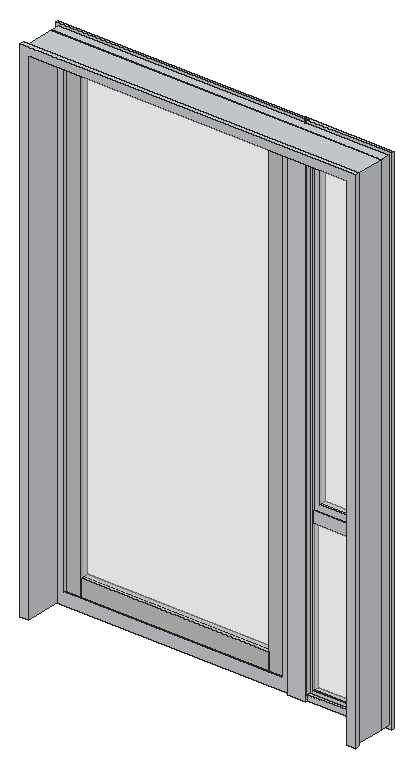
Revit family "APL Residential Thermal Heart Hinged Door with Sidelight", category Doors, host Wall, Revit 2017 (continued)
Definition of nested family "APL Residential Thermal Heart Hinged Door with Sidelight Open Out Horizontal Section"
  Definition of nested family "Glass"
    Lines and regions (mm)
      detail lines, in view "Ref. Level", not visible
        curve 93: arc (24.69, -9.476, 0) -> (24.895, -9.467, 0) -> (25, -9.643, 0) r 0.2
        curve 94: line (24.92, -10.912, 0) -> (24.161, -11.614, 0)
        curve 95: line (24, -11.981, 0) -> (24, -13.404, 0)
        curve 96: line (24.289, -13.651, 0) -> (28.489, -12.997, 0)
        curve 97: line (28.699, -12.728, 0) -> (28.548, -11, 0)
        curve 98: line (28.548, -11, 0) -> (27, -11, 0)
        curve 99: line (27, -11, 0) -> (27, -8.1, 0)
        curve 100: line (27, -8.1, 0) -> (27.5, -8.1, 0)
        curve 101: line (27.727, -7.744, 0) -> (26.033, -4.114, 0)
        curve 102: line (25.24, -4.095, 0) -> (24.864, -4.812, 0)
        curve 103: line (24, -6.187, 0) -> (24, -6.743, 0)
        curve 104: line (25, -6.756, 0) -> (25, -7.353, 0)
        curve 105: line (24, -9.054, 0) -> (24, -9.668, 0)
        curve 106: line (25, -9.643, 0) -> (25, -10.728, 0)
    Dimensions and locks
      "Glass Lenght": plane 1 "Center (Front/Back)" to plane 4
      aligned and locked: plane 4 to curve 2
      aligned and locked: plane 1 "Center (Front/Back)" to Filled region 1 sketch curve
      aligned and locked: Filled region 1 sketch curve to curve 6
      aligned and locked: Filled region 1 sketch curve to curve 1
      aligned and locked: Filled region 1 sketch curve to curve 5
    Automatic sketch dimensions
      plane 1 "Center (Front/Back)" to curve 2 = 0 mm
      curve 2 to plane 3 "Center (Left/Right)" = 0 mm
      curve 6 to plane 4 = 0 mm
      curve 5 to plane 4 = 0 mm
      curve 4 to plane 4 = 0 mm
      curve 5 to curve 3 = 4 mm
      curve 1 to curve 1 = 16 mm
      plane 1 "Center (Front/Back)" to curve 1 = 12 mm
      plane 3 "Center (Left/Right)" to curve 6 = 4 mm
  Definition of nested family "Coupling Bar"
    Reference planes
      plane 1 "Center (Front/Back)": y = 0
      plane 2: z = 0
      plane 3 "Center (Left/Right)": x = 0
    Dimensions and locks
      nested 2 to plane 3 "Center (Left/Right)" to nested 2 = 43.55 mm locked, 43.55 mm locked
      locked: nested 1 to nested 2 at 15.461
      locked: nested 2 to nested 3 at 12.5
    Nested families
      nested 1: "Open Out Jamb&Hinge" at (-22.2, 8.204, 0) x (-1, 0, 0) z (0, 0, 1), type "Jamb with Hinge", in view "Ref. Level"
      nested 2: "65190_Coupling Bar" at (0, 0, 0), type "65190_Coupling Bar", in view "Ref. Level"
      nested 3: "Frame Sash" at (73, 1.704, 0) x (0, 1, 0) z (0, 0, 1), type "Frame Sash", in view "Ref. Level"
    Definition of nested family "Open Out Jamb&Hinge"
      Reference planes
        plane 1 "Center (Front/Back)": y = 0
        plane 2: z = 0
        plane 3 "Center (Left/Right)": x = 0
      Lines and regions (mm)
        detail lines, in view "Ref. Level", not visible
          curve 1: arc (27.921, 135.423, 0) -> (27.611, 135.563, 0) -> (27.449, 135.264, 0) r 0.25
          curve 2: arc (27.475, 125.376, 0) -> (27.637, 125.077, 0) -> (27.948, 125.217, 0) r 0.25
          curve 3: line (27.449, 135.264, 0) -> (28.443, 131.396, 0)
          curve 4: line (28.443, 131.396, 0) -> (27.439, 130.817, 0)
          curve 5: line (27.439, 130.817, 0) -> (27.439, 129.817, 0)
          curve 6: line (27.439, 129.817, 0) -> (28.465, 129.225, 0)
          curve 7: line (28.465, 129.225, 0) -> (27.475, 125.376, 0)
          curve 8: line (27.948, 125.217, 0) -> (29.672, 129.317, 0)
          curve 9: line (29.672, 129.317, 0) -> (30.939, 129.317, 0)
          curve 10: line (30.939, 129.317, 0) -> (30.939, 128.067, 0)
          curve 11: line (30.939, 128.067, 0) -> (31.939, 128.067, 0)
          curve 12: line (31.939, 128.067, 0) -> (31.939, 132.567, 0)
          curve 13: line (31.939, 132.567, 0) -> (30.939, 132.567, 0)
          curve 14: line (30.939, 132.567, 0) -> (30.939, 131.317, 0)
          curve 15: line (30.939, 131.317, 0) -> (29.647, 131.317, 0)
          curve 16: line (29.647, 131.317, 0) -> (27.921, 135.423, 0)
          curve 17: arc (43.239, 46.459, 0) -> (43.098, 46.401, 0) -> (43.039, 46.259, 0) r 0.2
          curve 18: arc (43.039, 43.539, 0) -> (42.981, 43.398, 0) -> (42.839, 43.339, 0) r 0.2
          curve 19: arc (41.739, 43.339, 0) -> (41.032, 43.632, 0) -> (40.739, 44.339, 0) r 1
          curve 20: arc (40.304, 42.421, 0) -> (39.422, 41.539, 0) -> (38.539, 42.421, 0) r 0.882
          curve 21: arc (38.539, 44.651, 0) -> (38.545, 44.752, 0) -> (38.56, 44.852, 0) r 1
          curve 22: arc (39.401, 48.942, 0) -> (39.95, 49.665, 0) -> (40.814, 49.939, 0) r 1.5
          curve 23: arc (42.039, 49.939, 0) -> (42.747, 49.646, 0) -> (43.039, 48.939, 0) r 1
          curve 24: arc (47.988, 48.439, 0) -> (48.168, 48.327, 0) -> (48.146, 48.116, 0) r 0.2
          curve 25: arc (46.796, 45.416, 0) -> (46.657, 45.31, 0) -> (46.487, 45.354, 0) r 0.2
          curve 26: line (43.039, 46.259, 0) -> (43.039, 43.539, 0)
          curve 27: line (42.839, 43.339, 0) -> (42.439, 43.339, 0)
          curve 28: line (42.439, 43.339, 0) -> (41.739, 43.339, 0)
          curve 29: line (40.739, 44.339, 0) -> (40.739, 47.344, 0)
          curve 30: line (40.739, 47.344, 0) -> (40.312, 44.702, 0)
          curve 31: line (40.312, 44.702, 0) -> (40.304, 42.421, 0)
          curve 32: line (38.539, 42.421, 0) -> (38.539, 44.651, 0)
          curve 33: line (38.56, 44.852, 0) -> (39.401, 48.942, 0)
          curve 34: line (40.944, 49.939, 0) -> (42.039, 49.939, 0)
          curve 35: line (43.039, 48.939, 0) -> (43.039, 48.439, 0)
          curve 36: line (43.039, 48.439, 0) -> (47.988, 48.439, 0)
          curve 37: line (48.146, 48.116, 0) -> (46.796, 45.416, 0)
          curve 38: line (46.487, 45.354, 0) -> (45.203, 46.459, 0)
          curve 39: arc (45.203, 46.459, 0) -> (44.221, 46.592, 0) -> (43.239, 46.459, 0) r 3.701
          curve 40: arc (48.146, 48.116, 0) -> (48.168, 48.327, 0) -> (47.988, 48.439, 0) r 0.2
        detail lines, in view "Ref. Level"
          curve 41: arc (129.706, 28.021, 0) -> (129.846, 27.711, 0) -> (129.547, 27.548, 0) r 0.25
          curve 42: arc (119.659, 27.575, 0) -> (119.36, 27.737, 0) -> (119.5, 28.047, 0) r 0.25
          curve 43: line (129.547, 27.548, 0) -> (125.68, 28.542, 0)
          curve 44: line (125.68, 28.542, 0) -> (125.1, 27.539, 0)
          curve 45: line (125.1, 27.539, 0) -> (124.1, 27.539, 0)
          curve 46: line (124.1, 27.539, 0) -> (123.508, 28.564, 0)
          curve 47: line (123.508, 28.564, 0) -> (119.659, 27.575, 0)
          curve 48: line (119.5, 28.047, 0) -> (123.6, 29.771, 0)
          curve 49: line (123.6, 29.771, 0) -> (123.6, 31.039, 0)
          curve 50: line (123.6, 31.039, 0) -> (122.35, 31.039, 0)
          curve 51: line (122.35, 31.039, 0) -> (122.35, 32.039, 0)
          curve 52: line (122.35, 32.039, 0) -> (126.85, 32.039, 0)
          curve 53: line (126.85, 32.039, 0) -> (126.85, 31.039, 0)
          curve 54: line (126.85, 31.039, 0) -> (125.6, 31.039, 0)
          curve 55: line (125.6, 31.039, 0) -> (125.6, 29.747, 0)
          curve 56: line (125.6, 29.747, 0) -> (129.706, 28.021, 0)
          curve 57: arc (48.76, 43.939, 0) -> (48.701, 43.798, 0) -> (48.56, 43.739, 0) r 0.2
          curve 58: arc (45.839, 43.739, 0) -> (45.698, 43.681, 0) -> (45.639, 43.539, 0) r 0.2
          curve 59: arc (45.639, 42.439, 0) -> (45.932, 41.732, 0) -> (46.639, 41.439, 0) r 1
          curve 60: arc (44.722, 41.004, 0) -> (43.839, 40.122, 0) -> (44.722, 39.239, 0) r 0.882
          curve 61: arc (46.951, 39.239, 0) -> (47.052, 39.244, 0) -> (47.153, 39.26, 0) r 1
          curve 62: arc (51.243, 40.101, 0) -> (51.965, 40.649, 0) -> (52.239, 41.514, 0) r 1.5
          curve 63: arc (52.239, 42.739, 0) -> (51.947, 43.446, 0) -> (51.239, 43.739, 0) r 1
          curve 64: arc (50.739, 48.688, 0) -> (50.627, 48.868, 0) -> (50.417, 48.846, 0) r 0.2
          curve 65: arc (47.717, 47.496, 0) -> (47.61, 47.357, 0) -> (47.655, 47.187, 0) r 0.2
          curve 66: line (48.56, 43.739, 0) -> (45.839, 43.739, 0)
          curve 67: line (45.639, 43.539, 0) -> (45.639, 43.139, 0)
          curve 68: line (45.639, 43.139, 0) -> (45.639, 42.439, 0)
          curve 69: line (46.639, 41.439, 0) -> (49.644, 41.439, 0)
          curve 70: line (49.644, 41.439, 0) -> (47.003, 41.012, 0)
          curve 71: line (47.003, 41.012, 0) -> (44.722, 41.004, 0)
          curve 72: line (44.722, 39.239, 0) -> (46.951, 39.239, 0)
          curve 73: line (47.153, 39.26, 0) -> (51.243, 40.101, 0)
          curve 74: line (52.239, 41.644, 0) -> (52.239, 42.739, 0)
          curve 75: line (51.239, 43.739, 0) -> (50.739, 43.739, 0)
          curve 76: line (50.739, 43.739, 0) -> (50.739, 48.688, 0)
          curve 77: line (50.417, 48.846, 0) -> (47.717, 47.496, 0)
          curve 78: line (47.655, 47.187, 0) -> (48.76, 45.903, 0)
          curve 79: arc (48.76, 45.903, 0) -> (48.892, 44.921, 0) -> (48.76, 43.939, 0) r 3.701
          curve 80: arc (50.417, 48.846, 0) -> (50.627, 48.868, 0) -> (50.739, 48.688, 0) r 0.2
      Nested families
        nested 1: "65310_Open Out Frame" at (-0.7, 0.7, 0) x (0, 1, 0) z (0, 0, 1), type "65310_Open Out Frame", in view "Ref. Level"
        nested 2: "65210_Lock Stile" at (39.35, -12.761, 0) x (0, 1, 0) z (0, 0, 1), type "65210_Lock Stile", in view "Ref. Level"
      Definition of nested family "65310_Open Out Frame"
        Reference planes
          plane 1 "Center (Front/Back)": y = 0
          plane 2: z = 0
          plane 3 "Center (Left/Right)": x = 0
        Lines and regions (mm)
          model lines, in view "Ref. Level"
            curve 1: arc (25.4, 8.561, 0) -> (25.517, 8.844, 0) -> (25.8, 8.961, 0) r 0.4
            curve 2: arc (26.093, 8.961, 0) -> (26.196, 8.947, 0) -> (26.293, 8.907, 0) r 0.4
            curve 3: arc (27.821, 8.022, 0) -> (28.111, 7.902, 0) -> (28.422, 7.861, 0) r 1.2
            curve 4: arc (29.345, 7.861, 0) -> (29.918, 7.68, 0) -> (30.284, 7.203, 0) r 1
            curve 5: arc (31.077, 5.024, 0) -> (31.224, 4.833, 0) -> (31.453, 4.761, 0) r 0.4
            curve 6: arc (37.947, 4.761, 0) -> (38.176, 4.833, 0) -> (38.323, 5.024, 0) r 0.4
            curve 7: arc (39.116, 7.203, 0) -> (39.482, 7.68, 0) -> (40.055, 7.861, 0) r 1
            curve 8: arc (40.978, 7.861, 0) -> (41.289, 7.902, 0) -> (41.579, 8.022, 0) r 1.2
            curve 9: arc (43.107, 8.907, 0) -> (43.204, 8.947, 0) -> (43.307, 8.961, 0) r 0.4
            curve 10: arc (43.6, 8.961, 0) -> (43.883, 8.844, 0) -> (44, 8.561, 0) r 0.4
            curve 11: arc (44, 5.161, 0) -> (43.883, 4.878, 0) -> (43.6, 4.761, 0) r 0.4
            curve 12: arc (43.307, 4.761, 0) -> (43.204, 4.775, 0) -> (43.107, 4.815, 0) r 0.4
            curve 13: arc (41.579, 5.699, 0) -> (41.285, 5.821, 0) -> (40.97, 5.861, 0) r 1.2
            curve 14: arc (40.97, 5.861, 0) -> (40.795, 5.808, 0) -> (40.684, 5.664, 0) r 0.3
            curve 15: arc (39.796, 3.224, 0) -> (39.649, 3.033, 0) -> (39.42, 2.961, 0) r 0.4
            curve 16: arc (29.98, 2.961, 0) -> (29.751, 3.033, 0) -> (29.604, 3.224, 0) r 0.4
            curve 17: arc (28.716, 5.664, 0) -> (28.605, 5.808, 0) -> (28.43, 5.861, 0) r 0.3
            curve 18: arc (28.43, 5.861, 0) -> (28.115, 5.821, 0) -> (27.821, 5.699, 0) r 1.2
            curve 19: arc (26.293, 4.815, 0) -> (26.196, 4.775, 0) -> (26.093, 4.761, 0) r 0.4
            curve 20: arc (25.8, 4.761, 0) -> (25.517, 4.878, 0) -> (25.4, 5.161, 0) r 0.4
            curve 21: line (25.8, 8.961, 0) -> (26.093, 8.961, 0)
            curve 22: line (26.293, 8.907, 0) -> (27.821, 8.022, 0)
            curve 23: line (28.422, 7.861, 0) -> (29.345, 7.861, 0)
            curve 24: line (30.284, 7.203, 0) -> (31.077, 5.024, 0)
            curve 25: line (31.453, 4.761, 0) -> (37.947, 4.761, 0)
            curve 26: line (38.323, 5.024, 0) -> (39.116, 7.203, 0)
            curve 27: line (40.055, 7.861, 0) -> (40.978, 7.861, 0)
            curve 28: line (41.579, 8.022, 0) -> (43.107, 8.907, 0)
            curve 29: line (43.307, 8.961, 0) -> (43.6, 8.961, 0)
            curve 30: line (44, 8.561, 0) -> (44, 5.161, 0)
            curve 31: line (43.6, 4.761, 0) -> (43.307, 4.761, 0)
            curve 32: line (43.107, 4.815, 0) -> (41.579, 5.699, 0)
            curve 33: line (40.684, 5.664, 0) -> (39.796, 3.224, 0)
            curve 34: line (39.42, 2.961, 0) -> (29.98, 2.961, 0)
            curve 35: line (29.604, 3.224, 0) -> (28.716, 5.664, 0)
            curve 36: line (27.821, 5.699, 0) -> (26.293, 4.815, 0)
            curve 37: line (26.093, 4.761, 0) -> (25.8, 4.761, 0)
            curve 38: line (25.4, 5.161, 0) -> (25.4, 8.561, 0)
            curve 39: arc (50, 52.5, 0) -> (49.854, 52.854, 0) -> (49.5, 53, 0) r 0.5
            curve 40: arc (43.2, 53, 0) -> (43.059, 52.941, 0) -> (43, 52.8, 0) r 0.2
            curve 41: arc (43, 51.6, 0) -> (43.059, 51.459, 0) -> (43.2, 51.4, 0) r 0.2
            curve 42: arc (48.3, 51.4, 0) -> (48.441, 51.341, 0) -> (48.5, 51.2, 0) r 0.2
            curve 43: arc (48.5, 48.1, 0) -> (48.441, 47.959, 0) -> (48.3, 47.9, 0) r 0.2
            curve 44: arc (45, 48.65, 0) -> (44.846, 48.881, 0) -> (44.573, 48.827, 0) r 0.25
            curve 45: arc (43, 44.6, 0) -> (43.059, 44.459, 0) -> (43.2, 44.4, 0) r 0.2
            curve 46: arc (43.2, 44.4, 0) -> (43.766, 44.634, 0) -> (44, 45.2, 0) r 0.8
            curve 47: arc (46.4, 46, 0) -> (46.8, 45.6, 0) -> (47.2, 46, 0) r 0.4
            curve 48: arc (46.2, 33.5, 0) -> (46.054, 33.854, 0) -> (45.7, 34, 0) r 0.5
            curve 49: arc (44, 34, 0) -> (43.293, 33.707, 0) -> (43, 33, 0) r 1
            curve 50: arc (43, 32.9, 0) -> (43.088, 32.688, 0) -> (43.3, 32.6, 0) r 0.3
            curve 51: arc (44.858, 32.6, 0) -> (45.363, 31.878, 0) -> (46.2, 31.6, 0) r 1.4
            curve 52: arc (47.9, 31.6, 0) -> (48.041, 31.541, 0) -> (48.1, 31.4, 0) r 0.2
            curve 53: arc (48.1, 26.5, 0) -> (47.807, 25.793, 0) -> (47.1, 25.5, 0) r 1
            curve 54: arc (43.083, 25.5, 0) -> (42.778, 25.301, 0) -> (42.505, 25.543, 0) r 0.3
            curve 55: arc (42.505, 25.543, 0) -> (42.439, 25.681, 0) -> (42.313, 25.768, 0) r 0.3
            curve 56: arc (40.903, 26.282, 0) -> (40.617, 26.238, 0) -> (40.501, 25.974, 0) r 0.3
            curve 57: arc (40.708, 23.608, 0) -> (40.735, 23.508, 0) -> (40.795, 23.422, 0) r 0.3
            curve 58: arc (41.159, 23.059, 0) -> (41.352, 23.007, 0) -> (41.493, 23.148, 0) r 0.2
            curve 59: arc (41.538, 23.316, 0) -> (41.59, 23.405, 0) -> (41.679, 23.457, 0) r 0.2
            curve 60: arc (43.9, 24, 0) -> (44.18, 23.807, 0) -> (44.1, 23.476, 0) r 0.3
            curve 61: arc (44.1, 23.476, 0) -> (44.026, 23.375, 0) -> (44, 23.253, 0) r 0.3
            curve 62: arc (44.194, 19.25, 0) -> (44.158, 19.078, 0) -> (44, 19, 0) r 0.2
            curve 63: arc (43.479, 19, 0) -> (43.398, 19.011, 0) -> (43.323, 19.044, 0) r 0.3
            curve 64: arc (42.069, 19.809, 0) -> (42.072, 19.979, 0) -> (41.966, 20.111, 0) r 0.25
            curve 65: arc (41.88, 20.163, 0) -> (41.65, 20.179, 0) -> (41.505, 20, 0) r 0.25
            curve 66: arc (41.255, 20, 0) -> (41.114, 19.941, 0) -> (41.055, 19.8, 0) r 0.2
            curve 67: arc (41.055, 18.984, 0) -> (41.102, 18.772, 0) -> (41.235, 18.6, 0) r 0.5
            curve 68: arc (43.92, 16.362, 0) -> (44.053, 16.19, 0) -> (44.1, 15.978, 0) r 0.5
            curve 69: arc (44.1, 12.522, 0) -> (44.053, 12.31, 0) -> (43.92, 12.138, 0) r 0.5
            curve 70: arc (41.235, 9.9, 0) -> (41.102, 9.728, 0) -> (41.055, 9.516, 0) r 0.5
            curve 71: arc (41.055, 8.7, 0) -> (41.114, 8.559, 0) -> (41.255, 8.5, 0) r 0.2
            curve 72: arc (41.505, 8.5, 0) -> (41.65, 8.321, 0) -> (41.88, 8.337, 0) r 0.25
            curve 73: arc (41.966, 8.389, 0) -> (42.072, 8.521, 0) -> (42.069, 8.691, 0) r 0.25
            curve 74: arc (43.322, 9.456, 0) -> (43.398, 9.489, 0) -> (43.479, 9.5, 0) r 0.3
            curve 75: arc (44, 9.5, 0) -> (44.158, 9.422, 0) -> (44.194, 9.25, 0) r 0.2
            curve 76: arc (44, 5.247, 0) -> (44.026, 5.125, 0) -> (44.1, 5.024, 0) r 0.3
            curve 77: arc (44.1, 5.024, 0) -> (44.18, 4.693, 0) -> (43.9, 4.5, 0) r 0.3
            curve 78: arc (41.679, 5.043, 0) -> (41.59, 5.095, 0) -> (41.538, 5.184, 0) r 0.2
            curve 79: arc (41.493, 5.352, 0) -> (41.352, 5.493, 0) -> (41.159, 5.441, 0) r 0.2
            curve 80: arc (40.795, 5.078, 0) -> (40.735, 4.992, 0) -> (40.708, 4.892, 0) r 0.3
            curve 81: arc (40.501, 2.526, 0) -> (40.617, 2.262, 0) -> (40.903, 2.218, 0) r 0.3
            curve 82: arc (42.313, 2.732, 0) -> (42.439, 2.819, 0) -> (42.505, 2.957, 0) r 0.3
            curve 83: arc (42.505, 2.957, 0) -> (42.778, 3.199, 0) -> (43.083, 3, 0) r 0.3
            curve 84: arc (44.4, 3, 0) -> (44.541, 2.941, 0) -> (44.6, 2.8, 0) r 0.2
            curve 85: arc (44.6, 1.3, 0) -> (44.981, 0.381, 0) -> (45.9, 0, 0) r 1.3
            curve 86: arc (55.35, 0, 0) -> (56, 0.65, 0) -> (55.35, 1.3, 0) r 0.65
            curve 87: arc (46, 23.1, 0) -> (46.146, 23.454, 0) -> (46.5, 23.6, 0) r 0.5
            curve 88: arc (48.1, 23.6, 0) -> (48.454, 23.454, 0) -> (48.6, 23.1, 0) r 0.5
            curve 89: arc (48.6, 21.2, 0) -> (48.746, 20.846, 0) -> (49.1, 20.7, 0) r 0.5
            curve 90: arc (49.5, 20.7, 0) -> (49.854, 20.846, 0) -> (50, 21.2, 0) r 0.5
            curve 91: line (49.5, 53, 0) -> (43.2, 53, 0)
            curve 92: line (43, 52.8, 0) -> (43, 51.6, 0)
            curve 93: line (43.2, 51.4, 0) -> (48.3, 51.4, 0)
            curve 94: line (48.5, 51.2, 0) -> (48.5, 48.1, 0)
            curve 95: line (48.3, 47.9, 0) -> (45, 47.9, 0)
            curve 96: line (45, 47.9, 0) -> (45, 48.65, 0)
            curve 97: line (44.573, 48.827, 0) -> (43.059, 47.312, 0)
            curve 98: line (43.059, 47.312, 0) -> (43, 44.6, 0)
            curve 99: line (44, 45.2, 0) -> (44, 46.5, 0)
            curve 100: line (44, 46.5, 0) -> (46.4, 46.5, 0)
            curve 101: line (46.4, 46.5, 0) -> (46.4, 46, 0)
            curve 102: line (47.2, 46, 0) -> (47.2, 46.5, 0)
            curve 103: line (47.2, 46.5, 0) -> (48.5, 46.5, 0)
            curve 104: line (48.5, 46.5, 0) -> (48.5, 33, 0)
            curve 105: line (48.5, 33, 0) -> (46.2, 33, 0)
            curve 106: line (46.2, 33, 0) -> (46.2, 33.5, 0)
            curve 107: line (45.7, 34, 0) -> (44, 34, 0)
            curve 108: line (43.3, 32.6, 0) -> (44.858, 32.6, 0)
            curve 109: line (46.2, 31.6, 0) -> (47.9, 31.6, 0)
            curve 110: line (48.1, 31.4, 0) -> (48.1, 26.5, 0)
            curve 111: line (47.1, 25.5, 0) -> (43.083, 25.5, 0)
            curve 112: line (42.313, 25.768, 0) -> (40.903, 26.282, 0)
            curve 113: line (40.501, 25.974, 0) -> (40.708, 23.608, 0)
            curve 114: line (40.795, 23.422, 0) -> (41.159, 23.059, 0)
            curve 115: line (41.493, 23.148, 0) -> (41.538, 23.316, 0)
            curve 116: line (41.538, 23.316, 0) -> (43.668, 23.99, 0)
            curve 117: line (43.668, 23.99, 0) -> (43.9, 24, 0)
            curve 118: line (44, 23.253, 0) -> (44, 20.025, 0)
            curve 119: line (44, 20.025, 0) -> (44.194, 19.25, 0)
            curve 120: line (44, 19, 0) -> (43.479, 19, 0)
            curve 121: line (43.479, 19, 0) -> (42.069, 19.809, 0)
            curve 122: line (41.505, 20, 0) -> (41.255, 20, 0)
            curve 123: line (41.055, 19.8, 0) -> (41.055, 18.984, 0)
            curve 124: line (41.235, 18.6, 0) -> (43.92, 16.362, 0)
            curve 125: line (44.1, 15.978, 0) -> (44.1, 12.522, 0)
            curve 126: line (43.92, 12.138, 0) -> (41.235, 9.9, 0)
            curve 127: line (41.055, 9.516, 0) -> (41.055, 8.7, 0)
            curve 128: line (41.255, 8.5, 0) -> (41.505, 8.5, 0)
            curve 129: line (42.069, 8.691, 0) -> (43.322, 9.456, 0)
            curve 130: line (43.322, 9.456, 0) -> (44, 9.5, 0)
            curve 131: line (44.194, 9.25, 0) -> (44.006, 8.525, 0)
            curve 132: line (44.006, 8.525, 0) -> (44, 5.247, 0)
            curve 133: line (43.746, 4.5, 0) -> (41.679, 5.043, 0)
            curve 134: line (41.679, 5.043, 0) -> (41.493, 5.352, 0)
            curve 135: line (41.159, 5.441, 0) -> (40.795, 5.078, 0)
            curve 136: line (40.708, 4.892, 0) -> (40.501, 2.526, 0)
            curve 137: line (40.903, 2.218, 0) -> (42.313, 2.732, 0)
            curve 138: line (43.083, 3, 0) -> (44.4, 3, 0)
            curve 139: line (44.6, 2.8, 0) -> (44.6, 1.3, 0)
            curve 140: line (45.9, 0, 0) -> (47.7, 0, 0)
            curve 141: line (47.7, 0, 0) -> (48, 0.3, 0)
            curve 142: line (48, 0.3, 0) -> (53.25, 0.3, 0)
            curve 143: line (53.25, 0.3, 0) -> (53.55, 0, 0)
            curve 144: line (53.55, 0, 0) -> (55.35, 0, 0)
            curve 145: line (55.35, 1.3, 0) -> (46, 1.3, 0)
            curve 146: line (46, 1.3, 0) -> (46, 23.1, 0)
            curve 147: line (46.5, 23.6, 0) -> (48.1, 23.6, 0)
            curve 148: line (48.6, 23.1, 0) -> (48.6, 21.2, 0)
            curve 149: line (49.1, 20.7, 0) -> (49.5, 20.7, 0)
            curve 150: line (50, 21.2, 0) -> (50, 52.5, 0)
            curve 151: arc (-4.1, 23.1, 0) -> (-4.241, 23.159, 0) -> (-4.3, 23.3, 0) r 0.2
            curve 152: arc (-4.3, 23.9, 0) -> (-4.359, 24.041, 0) -> (-4.5, 24.1, 0) r 0.2
            curve 153: arc (-4.875, 24.1, 0) -> (-5.496, 24.182, 0) -> (-6.075, 24.422, 0) r 2.4
            curve 154: arc (-13.9, 27.9, 0) -> (-14.041, 27.841, 0) -> (-14.1, 27.7, 0) r 0.2
            curve 155: arc (-14.1, -0.131, 0) -> (-13.951, -0.808, 0) -> (-13.528, -1.359, 0) r 1.6
            curve 156: arc (-7.044, -6.8, 0) -> (-6.701, -6.916, 0) -> (-6.369, -6.77, 0) r 0.5
            curve 157: arc (-1.693, -2.094, 0) -> (-1.476, -1.769, 0) -> (-1.4, -1.386, 0) r 1
            curve 158: arc (-1.4, 3.2, 0) -> (-0.844, 4.544, 0) -> (0.5, 5.1, 0) r 1.9
            curve 159: arc (23.3, 5.1, 0) -> (23.441, 5.159, 0) -> (23.5, 5.3, 0) r 0.2
            curve 160: arc (23.5, 16.1, 0) -> (23.441, 16.241, 0) -> (23.3, 16.3, 0) r 0.2
            curve 161: arc (18.3, 16.3, 0) -> (18.159, 16.359, 0) -> (18.1, 16.5, 0) r 0.2
            curve 162: arc (18.1, 17.7, 0) -> (18.159, 17.841, 0) -> (18.3, 17.9, 0) r 0.2
            curve 163: arc (23.3, 17.9, 0) -> (23.441, 17.959, 0) -> (23.5, 18.1, 0) r 0.2
            curve 164: arc (23.5, 23.9, 0) -> (23.441, 24.041, 0) -> (23.3, 24.1, 0) r 0.2
            curve 165: arc (16.301, 24.1, 0) -> (16.159, 24.042, 0) -> (16.1, 23.9, 0) r 0.2
            curve 166: arc (16.1, 23.3, 0) -> (16.041, 23.159, 0) -> (15.9, 23.1, 0) r 0.2
            curve 167: arc (11.3, 23.1, 0) -> (11.159, 23.159, 0) -> (11.1, 23.3, 0) r 0.2
            curve 168: arc (11.1, 23.9, 0) -> (11.041, 24.041, 0) -> (10.9, 24.1, 0) r 0.2
            curve 169: arc (2.7, 24.1, 0) -> (2.559, 24.041, 0) -> (2.5, 23.9, 0) r 0.2
            curve 170: arc (2.5, 16.5, 0) -> (2.441, 16.359, 0) -> (2.3, 16.3, 0) r 0.2
            curve 171: arc (1.3, 16.3, 0) -> (1.159, 16.359, 0) -> (1.1, 16.5, 0) r 0.2
            curve 172: arc (1.1, 22.9, 0) -> (1.041, 23.041, 0) -> (0.9, 23.1, 0) r 0.2
            curve 173: arc (26.317, 25.5, 0) -> (26.622, 25.301, 0) -> (26.895, 25.543, 0) r 0.3
            curve 174: arc (26.895, 25.543, 0) -> (26.961, 25.681, 0) -> (27.087, 25.768, 0) r 0.3
            curve 175: arc (28.497, 26.282, 0) -> (28.783, 26.238, 0) -> (28.899, 25.974, 0) r 0.3
            curve 176: arc (28.692, 23.608, 0) -> (28.665, 23.508, 0) -> (28.605, 23.422, 0) r 0.3
            curve 177: arc (28.241, 23.059, 0) -> (28.048, 23.007, 0) -> (27.907, 23.148, 0) r 0.2
            curve 178: arc (27.862, 23.316, 0) -> (27.81, 23.405, 0) -> (27.721, 23.457, 0) r 0.2
            curve 179: arc (25.5, 24, 0) -> (25.22, 23.807, 0) -> (25.3, 23.476, 0) r 0.3
            curve 180: arc (25.3, 23.476, 0) -> (25.374, 23.375, 0) -> (25.4, 23.253, 0) r 0.3
            curve 181: arc (25.206, 19.25, 0) -> (25.242, 19.078, 0) -> (25.4, 19, 0) r 0.2
            curve 182: arc (25.921, 19, 0) -> (26.002, 19.011, 0) -> (26.077, 19.044, 0) r 0.3
            curve 183: arc (27.331, 19.809, 0) -> (27.328, 19.979, 0) -> (27.434, 20.111, 0) r 0.25
            curve 184: arc (27.52, 20.163, 0) -> (27.75, 20.179, 0) -> (27.895, 20, 0) r 0.25
            curve 185: arc (28.145, 20, 0) -> (28.286, 19.941, 0) -> (28.345, 19.8, 0) r 0.2
            curve 186: arc (28.345, 18.984, 0) -> (28.298, 18.772, 0) -> (28.165, 18.6, 0) r 0.5
            curve 187: arc (25.58, 16.446, 0) -> (25.447, 16.274, 0) -> (25.4, 16.062, 0) r 0.5
            curve 188: arc (25.4, 12.438, 0) -> (25.447, 12.226, 0) -> (25.58, 12.054, 0) r 0.5
            curve 189: arc (28.165, 9.9, 0) -> (28.298, 9.728, 0) -> (28.345, 9.516, 0) r 0.5
            curve 190: arc (28.345, 8.7, 0) -> (28.286, 8.559, 0) -> (28.145, 8.5, 0) r 0.2
            curve 191: arc (27.895, 8.5, 0) -> (27.75, 8.321, 0) -> (27.52, 8.337, 0) r 0.25
            curve 192: arc (27.434, 8.389, 0) -> (27.328, 8.521, 0) -> (27.331, 8.691, 0) r 0.25
            curve 193: arc (26.078, 9.456, 0) -> (26.002, 9.489, 0) -> (25.921, 9.5, 0) r 0.3
            curve 194: arc (25.4, 9.5, 0) -> (25.242, 9.422, 0) -> (25.206, 9.25, 0) r 0.2
            curve 195: arc (25.4, 5.247, 0) -> (25.374, 5.125, 0) -> (25.3, 5.024, 0) r 0.3
            curve 196: arc (25.3, 5.024, 0) -> (25.22, 4.693, 0) -> (25.5, 4.5, 0) r 0.3
            curve 197: arc (27.721, 5.043, 0) -> (27.81, 5.095, 0) -> (27.862, 5.184, 0) r 0.2
            curve 198: arc (27.907, 5.352, 0) -> (28.048, 5.493, 0) -> (28.241, 5.441, 0) r 0.2
            curve 199: arc (28.605, 5.078, 0) -> (28.665, 4.992, 0) -> (28.692, 4.892, 0) r 0.3
            curve 200: arc (28.899, 2.526, 0) -> (28.783, 2.262, 0) -> (28.497, 2.218, 0) r 0.3
            curve 201: arc (27.087, 2.732, 0) -> (26.961, 2.819, 0) -> (26.895, 2.957, 0) r 0.3
            curve 202: arc (26.895, 2.957, 0) -> (26.622, 3.199, 0) -> (26.317, 3, 0) r 0.3
            curve 203: arc (24, 3, 0) -> (23.704, 3.097, 0) -> (23.523, 3.35, 0) r 0.5
            curve 204: arc (23.523, 3.35, 0) -> (23.342, 3.603, 0) -> (23.046, 3.7, 0) r 0.5
            curve 205: arc (0.5, 3.7, 0) -> (0.146, 3.554, 0) -> (0, 3.2, 0) r 0.5
            curve 206: arc (0, -1.801, 0) -> (-0.107, -2.336, 0) -> (-0.41, -2.791, 0) r 1.4
            curve 207: arc (-5.407, -7.787, 0) -> (-5.624, -8.112, 0) -> (-5.7, -8.495, 0) r 1
            curve 208: arc (-5.7, -14.159, 0) -> (-5.623, -14.316, 0) -> (-5.452, -14.353, 0) r 0.2
            curve 209: arc (-5.452, -14.353, 0) -> (-4.643, -14.677, 0) -> (-4.687, -15.548, 0) r 0.75
            curve 210: arc (-4.687, -15.548, 0) -> (-5.025, -16.505, 0) -> (-4.687, -17.462, 0) r 1.525
            curve 211: arc (-4.687, -17.462, 0) -> (-4.594, -17.613, 0) -> (-4.539, -17.781, 0) r 0.75
            curve 212: arc (-4.539, -17.781, 0) -> (-4.442, -17.992, 0) -> (-4.26, -18.136, 0) r 0.5
            curve 213: arc (-4.26, -18.136, 0) -> (-3.5, -18.305, 0) -> (-2.74, -18.137, 0) r 1.8
            curve 214: arc (-2.74, -18.137, 0) -> (-2.558, -17.992, 0) -> (-2.461, -17.78, 0) r 0.5
            curve 215: arc (-2.461, -17.78, 0) -> (-2.406, -17.612, 0) -> (-2.312, -17.461, 0) r 0.737
            curve 216: arc (-2.312, -17.461, 0) -> (-1.975, -16.505, 0) -> (-2.312, -15.549, 0) r 1.525
            curve 217: arc (-2.312, -15.549, 0) -> (-2.2, -14.512, 0) -> (-1.163, -14.624, 0) r 0.737
            curve 218: arc (-1.163, -14.624, 0) -> (-0.507, -16.296, 0) -> (-0.924, -18.044, 0) r 3
            curve 219: arc (-0.924, -18.044, 0) -> (-0.93, -18.547, 0) -> (-0.495, -18.8, 0) r 0.5
            curve 220: arc (-0.2, -18.8, 0) -> (-0.059, -18.859, 0) -> (0, -19, 0) r 0.2
            curve 221: arc (0, -19.8, 0) -> (-0.059, -19.941, 0) -> (-0.2, -20, 0) r 0.2
            curve 222: arc (-6, -20, 0) -> (-6.707, -19.707, 0) -> (-7, -19, 0) r 1
            curve 223: arc (-7, -10.063, 0) -> (-7.281, -8.795, 0) -> (-8.072, -7.765, 0) r 3
            curve 224: arc (-14.428, -2.431, 0) -> (-15.219, -1.401, 0) -> (-15.5, -0.133, 0) r 3
            curve 225: arc (-15.5, 33, 0) -> (-15.207, 33.707, 0) -> (-14.5, 34, 0) r 1
            curve 226: arc (-12.1, 34, 0) -> (-11.393, 33.707, 0) -> (-11.1, 33, 0) r 1
            curve 227: arc (-11.1, 32.9, 0) -> (-11.188, 32.688, 0) -> (-11.4, 32.6, 0) r 0.3
            curve 228: arc (-12.1, 29.3, 0) -> (-11.738, 29.252, 0) -> (-11.4, 29.112, 0) r 1.4
            curve 229: arc (-5.375, 25.634, 0) -> (-5.134, 25.534, 0) -> (-4.875, 25.5, 0) r 1
            curve 230: line (0.9, 23.1, 0) -> (-4.1, 23.1, 0)
            curve 231: line (-4.3, 23.3, 0) -> (-4.3, 23.9, 0)
            curve 232: line (-4.5, 24.1, 0) -> (-4.875, 24.1, 0)
            curve 233: line (-6.075, 24.422, 0) -> (-12.054, 27.873, 0)
            curve 234: line (-12.054, 27.873, 0) -> (-13.9, 27.9, 0)
            curve 235: line (-14.1, 27.7, 0) -> (-14.1, -0.131, 0)
            curve 236: line (-13.528, -1.359, 0) -> (-7.044, -6.8, 0)
            curve 237: line (-6.369, -6.77, 0) -> (-1.693, -2.094, 0)
            curve 238: line (-1.4, -1.386, 0) -> (-1.4, 3.2, 0)
            curve 239: line (0.5, 5.1, 0) -> (23.3, 5.1, 0)
            curve 240: line (23.5, 5.3, 0) -> (23.5, 16.1, 0)
            curve 241: line (23.3, 16.3, 0) -> (18.3, 16.3, 0)
            curve 242: line (18.1, 16.5, 0) -> (18.1, 17.7, 0)
            curve 243: line (18.3, 17.9, 0) -> (23.3, 17.9, 0)
            curve 244: line (23.5, 18.1, 0) -> (23.5, 23.9, 0)
            curve 245: line (23.3, 24.1, 0) -> (16.301, 24.1, 0)
            curve 246: line (16.1, 23.9, 0) -> (16.1, 23.3, 0)
            curve 247: line (15.9, 23.1, 0) -> (11.3, 23.1, 0)
            curve 248: line (11.1, 23.3, 0) -> (11.1, 23.9, 0)
            curve 249: line (10.9, 24.1, 0) -> (2.7, 24.1, 0)
            curve 250: line (2.5, 23.9, 0) -> (2.5, 16.5, 0)
            curve 251: line (2.3, 16.3, 0) -> (1.3, 16.3, 0)
            curve 252: line (1.1, 16.5, 0) -> (1.1, 22.9, 0)
            curve 253: line (27.087, 25.768, 0) -> (28.497, 26.282, 0)
            curve 254: line (28.899, 25.974, 0) -> (28.692, 23.608, 0)
            curve 255: line (28.605, 23.422, 0) -> (28.241, 23.059, 0)
            curve 256: line (27.907, 23.148, 0) -> (27.862, 23.316, 0)
            curve 257: line (27.862, 23.316, 0) -> (25.732, 23.99, 0)
            curve 258: line (25.732, 23.99, 0) -> (25.5, 24, 0)
            curve 259: line (25.4, 23.253, 0) -> (25.4, 20.025, 0)
            curve 260: line (25.4, 20.025, 0) -> (25.206, 19.25, 0)
            curve 261: line (25.4, 19, 0) -> (25.921, 19, 0)
            curve 262: line (25.921, 19, 0) -> (27.331, 19.809, 0)
            curve 263: line (27.895, 20, 0) -> (28.145, 20, 0)
            curve 264: line (28.345, 19.8, 0) -> (28.345, 18.984, 0)
            curve 265: line (28.165, 18.6, 0) -> (25.58, 16.446, 0)
            curve 266: line (25.4, 16.062, 0) -> (25.4, 12.438, 0)
            curve 267: line (25.58, 12.054, 0) -> (28.165, 9.9, 0)
            curve 268: line (28.345, 9.516, 0) -> (28.345, 8.7, 0)
            curve 269: line (28.145, 8.5, 0) -> (27.895, 8.5, 0)
            curve 270: line (27.331, 8.691, 0) -> (26.078, 9.456, 0)
            curve 271: line (26.078, 9.456, 0) -> (25.4, 9.5, 0)
            curve 272: line (25.206, 9.25, 0) -> (25.394, 8.525, 0)
            curve 273: line (25.394, 8.525, 0) -> (25.4, 5.247, 0)
            curve 274: line (25.654, 4.5, 0) -> (27.721, 5.043, 0)
            curve 275: line (27.721, 5.043, 0) -> (27.907, 5.352, 0)
            curve 276: line (28.241, 5.441, 0) -> (28.605, 5.078, 0)
            curve 277: line (28.692, 4.892, 0) -> (28.899, 2.526, 0)
            curve 278: line (28.497, 2.218, 0) -> (27.087, 2.732, 0)
            curve 279: line (26.317, 3, 0) -> (24, 3, 0)
            curve 280: line (23.046, 3.7, 0) -> (17.783, 3.7, 0)
            curve 281: line (17.783, 3.7, 0) -> (17.559, 3.559, 0)
            curve 282: line (17.559, 3.559, 0) -> (12.4, 3.5, 0)
            curve 283: line (12.4, 3.5, 0) -> (12, 3.9, 0)
            curve 284: line (12, 3.9, 0) -> (11.6, 3.5, 0)
            curve 285: line (11.6, 3.5, 0) -> (6.583, 3.5, 0)
            curve 286: line (6.583, 3.5, 0) -> (6.359, 3.641, 0)
            curve 287: line (6.359, 3.641, 0) -> (0.5, 3.7, 0)
            curve 288: line (0, 3.2, 0) -> (0, -1.801, 0)
            curve 289: line (-0.41, -2.791, 0) -> (-5.407, -7.787, 0)
            curve 290: line (-5.7, -8.495, 0) -> (-5.7, -14.159, 0)
            curve 291: line (-0.495, -18.8, 0) -> (-0.2, -18.8, 0)
            curve 292: line (0, -19, 0) -> (0, -19.8, 0)
            curve 293: line (-0.2, -20, 0) -> (-6, -20, 0)
            curve 294: line (-7, -19, 0) -> (-7, -10.063, 0)
            curve 295: line (-8.072, -7.765, 0) -> (-14.428, -2.431, 0)
            curve 296: line (-15.5, -0.133, 0) -> (-15.5, 33, 0)
            curve 297: line (-14.5, 34, 0) -> (-12.1, 34, 0)
            curve 298: line (-11.4, 32.6, 0) -> (-14.1, 32.6, 0)
            curve 299: line (-14.1, 32.6, 0) -> (-14.1, 29.3, 0)
            curve 300: line (-14.1, 29.3, 0) -> (-12.1, 29.3, 0)
            curve 301: line (-11.4, 29.112, 0) -> (-5.375, 25.634, 0)
            curve 302: line (-4.875, 25.5, 0) -> (-2, 25.5, 0)
            curve 303: line (-2, 25.5, 0) -> (-1.6, 25.1, 0)
            curve 304: line (-1.6, 25.1, 0) -> (-1.2, 25.5, 0)
            curve 305: line (-1.2, 25.5, 0) -> (4.1, 25.5, 0)
            curve 306: line (4.1, 25.5, 0) -> (4.5, 25.1, 0)
            curve 307: line (4.5, 25.1, 0) -> (4.9, 25.5, 0)
            curve 308: line (4.9, 25.5, 0) -> (26.317, 25.5, 0)
            curve 309: arc (25.4, 19.939, 0) -> (25.517, 19.656, 0) -> (25.8, 19.539, 0) r 0.4
            curve 310: arc (26.093, 19.539, 0) -> (26.196, 19.553, 0) -> (26.293, 19.593, 0) r 0.4
            curve 311: arc (27.821, 20.478, 0) -> (28.111, 20.598, 0) -> (28.422, 20.639, 0) r 1.2
            curve 312: arc (29.345, 20.639, 0) -> (29.918, 20.82, 0) -> (30.284, 21.297, 0) r 1
            curve 313: arc (31.077, 23.476, 0) -> (31.224, 23.667, 0) -> (31.453, 23.739, 0) r 0.4
            curve 314: arc (37.947, 23.739, 0) -> (38.176, 23.667, 0) -> (38.323, 23.476, 0) r 0.4
            curve 315: arc (39.116, 21.297, 0) -> (39.482, 20.82, 0) -> (40.055, 20.639, 0) r 1
            curve 316: arc (40.978, 20.639, 0) -> (41.289, 20.598, 0) -> (41.579, 20.478, 0) r 1.2
            curve 317: arc (43.107, 19.593, 0) -> (43.204, 19.553, 0) -> (43.307, 19.539, 0) r 0.4
            curve 318: arc (43.6, 19.539, 0) -> (43.883, 19.656, 0) -> (44, 19.939, 0) r 0.4
            curve 319: arc (44, 23.339, 0) -> (43.883, 23.622, 0) -> (43.6, 23.739, 0) r 0.4
            curve 320: arc (43.307, 23.739, 0) -> (43.204, 23.725, 0) -> (43.107, 23.685, 0) r 0.4
            curve 321: arc (41.579, 22.801, 0) -> (41.285, 22.679, 0) -> (40.97, 22.639, 0) r 1.2
            curve 322: arc (40.97, 22.639, 0) -> (40.795, 22.692, 0) -> (40.684, 22.836, 0) r 0.3
            curve 323: arc (39.796, 25.276, 0) -> (39.649, 25.467, 0) -> (39.42, 25.539, 0) r 0.4
            curve 324: arc (29.98, 25.539, 0) -> (29.751, 25.467, 0) -> (29.604, 25.276, 0) r 0.4
            curve 325: arc (28.716, 22.836, 0) -> (28.605, 22.692, 0) -> (28.43, 22.639, 0) r 0.3
            curve 326: arc (28.43, 22.639, 0) -> (28.115, 22.679, 0) -> (27.821, 22.801, 0) r 1.2
            curve 327: arc (26.293, 23.685, 0) -> (26.196, 23.725, 0) -> (26.093, 23.739, 0) r 0.4
            curve 328: arc (25.8, 23.739, 0) -> (25.517, 23.622, 0) -> (25.4, 23.339, 0) r 0.4
            curve 329: line (25.8, 19.539, 0) -> (26.093, 19.539, 0)
            curve 330: line (26.293, 19.593, 0) -> (27.821, 20.478, 0)
            curve 331: line (28.422, 20.639, 0) -> (29.345, 20.639, 0)
            curve 332: line (30.284, 21.297, 0) -> (31.077, 23.476, 0)
            curve 333: line (31.453, 23.739, 0) -> (37.947, 23.739, 0)
            curve 334: line (38.323, 23.476, 0) -> (39.116, 21.297, 0)
            curve 335: line (40.055, 20.639, 0) -> (40.978, 20.639, 0)
            curve 336: line (41.579, 20.478, 0) -> (43.107, 19.593, 0)
            curve 337: line (43.307, 19.539, 0) -> (43.6, 19.539, 0)
            curve 338: line (44, 19.939, 0) -> (44, 23.339, 0)
            curve 339: line (43.6, 23.739, 0) -> (43.307, 23.739, 0)
            curve 340: line (43.107, 23.685, 0) -> (41.579, 22.801, 0)
            curve 341: line (40.684, 22.836, 0) -> (39.796, 25.276, 0)
            curve 342: line (39.42, 25.539, 0) -> (29.98, 25.539, 0)
            curve 343: line (29.604, 25.276, 0) -> (28.716, 22.836, 0)
            curve 344: line (27.821, 22.801, 0) -> (26.293, 23.685, 0)
            curve 345: line (26.093, 23.739, 0) -> (25.8, 23.739, 0)
            curve 346: line (25.4, 23.339, 0) -> (25.4, 19.939, 0)
        Text (mm)
          text "65310" at (6.108, 51.612, 0), in view "Ref. Level"
      Definition of nested family "65210_Lock Stile"
        Reference planes
          plane 1 "Center (Front/Back)": y = 0
          plane 2: z = 0
          plane 3 "Center (Left/Right)": x = 0
        Lines and regions (mm)
          model lines, in view "Ref. Level"
            curve 1: arc (27.4, 64.45, 0) -> (27.272, 64.668, 0) -> (27.019, 64.663, 0) r 0.25
            curve 2: arc (26.934, 64.611, 0) -> (26.828, 64.479, 0) -> (26.831, 64.309, 0) r 0.25
            curve 3: arc (25.577, 63.544, 0) -> (25.502, 63.511, 0) -> (25.421, 63.5, 0) r 0.3
            curve 4: arc (24.9, 63.5, 0) -> (24.742, 63.578, 0) -> (24.706, 63.75, 0) r 0.2
            curve 5: arc (24.9, 67.753, 0) -> (24.874, 67.875, 0) -> (24.8, 67.976, 0) r 0.3
            curve 6: arc (24.8, 67.976, 0) -> (24.72, 68.307, 0) -> (25, 68.5, 0) r 0.3
            curve 7: arc (27.221, 67.957, 0) -> (27.31, 67.905, 0) -> (27.362, 67.816, 0) r 0.2
            curve 8: arc (27.407, 67.648, 0) -> (27.548, 67.507, 0) -> (27.741, 67.559, 0) r 0.2
            curve 9: arc (28.105, 67.922, 0) -> (28.165, 68.008, 0) -> (28.192, 68.108, 0) r 0.3
            curve 10: arc (28.399, 70.474, 0) -> (28.283, 70.738, 0) -> (27.997, 70.782, 0) r 0.3
            curve 11: arc (26.587, 70.268, 0) -> (26.461, 70.181, 0) -> (26.395, 70.043, 0) r 0.3
            curve 12: arc (26.395, 70.043, 0) -> (26.122, 69.801, 0) -> (25.817, 70, 0) r 0.3
            curve 13: arc (24.003, 70, 0) -> (23.295, 69.707, 0) -> (23.003, 69, 0) r 1
            curve 14: arc (23.003, 63.28, 0) -> (22.944, 63.139, 0) -> (22.803, 63.08, 0) r 0.2
            curve 15: arc (17.703, 63.08, 0) -> (17.561, 63.139, 0) -> (17.503, 63.28, 0) r 0.2
            curve 16: arc (17.503, 69, 0) -> (17.21, 69.707, 0) -> (16.503, 70, 0) r 1
            curve 17: arc (9.5, 70, 0) -> (9.359, 69.941, 0) -> (9.3, 69.8, 0) r 0.2
            curve 18: arc (9.3, 69.5, 0) -> (9.38, 69.2, 0) -> (9.6, 68.98, 0) r 0.6
            curve 19: arc (10.7, 68.345, 0) -> (10.773, 68.272, 0) -> (10.8, 68.172, 0) r 0.2
            curve 20: arc (10.8, 64.08, 0) -> (10.507, 63.373, 0) -> (9.8, 63.08, 0) r 1
            curve 21: arc (2.42, 63.08, 0) -> (1.721, 63.366, 0) -> (1.421, 64.06, 0) r 1
            curve 22: arc (1.322, 68.935, 0) -> (1.357, 69.052, 0) -> (1.453, 69.127, 0) r 0.2
            curve 23: arc (1.453, 69.127, 0) -> (1.621, 69.234, 0) -> (1.725, 69.403, 0) r 0.45
            curve 24: arc (1.725, 69.403, 0) -> (1.729, 69.522, 0) -> (1.665, 69.621, 0) r 0.2
            curve 25: arc (0.2, 70, 0) -> (0.059, 69.941, 0) -> (0, 69.8, 0) r 0.2
            curve 26: arc (0, 0.501, 0) -> (0.146, 0.147, 0) -> (0.5, 0, 0) r 0.5
            curve 27: arc (1, 0, 0) -> (1.354, 0.146, 0) -> (1.5, 0.5, 0) r 0.5
            curve 28: arc (1.5, 2.8, 0) -> (1.559, 2.941, 0) -> (1.7, 3, 0) r 0.2
            curve 29: arc (31.817, 3, 0) -> (32.122, 3.199, 0) -> (32.395, 2.957, 0) r 0.3
            curve 30: arc (32.395, 2.957, 0) -> (32.461, 2.819, 0) -> (32.587, 2.732, 0) r 0.3
            curve 31: arc (33.997, 2.218, 0) -> (34.283, 2.262, 0) -> (34.399, 2.526, 0) r 0.3
            curve 32: arc (34.192, 4.892, 0) -> (34.165, 4.992, 0) -> (34.105, 5.078, 0) r 0.3
            curve 33: arc (33.741, 5.441, 0) -> (33.548, 5.493, 0) -> (33.407, 5.352, 0) r 0.2
            curve 34: arc (33.362, 5.184, 0) -> (33.31, 5.095, 0) -> (33.221, 5.043, 0) r 0.2
            curve 35: arc (31, 4.5, 0) -> (30.72, 4.693, 0) -> (30.8, 5.024, 0) r 0.3
            curve 36: arc (30.8, 5.024, 0) -> (30.874, 5.125, 0) -> (30.9, 5.247, 0) r 0.3
            curve 37: arc (30.706, 9.25, 0) -> (30.742, 9.422, 0) -> (30.9, 9.5, 0) r 0.2
            curve 38: arc (31.421, 9.5, 0) -> (31.502, 9.489, 0) -> (31.577, 9.456, 0) r 0.3
            curve 39: arc (32.831, 8.691, 0) -> (32.828, 8.521, 0) -> (32.934, 8.389, 0) r 0.25
            curve 40: arc (33.02, 8.337, 0) -> (33.272, 8.332, 0) -> (33.4, 8.55, 0) r 0.25
            curve 41: arc (33.4, 11.2, 0) -> (33.341, 11.341, 0) -> (33.2, 11.4, 0) r 0.2
            curve 42: arc (30, 11.4, 0) -> (29.293, 11.107, 0) -> (29, 10.4, 0) r 1
            curve 43: arc (2.1, 4.6, 0) -> (1.746, 4.746, 0) -> (1.6, 5.1, 0) r 0.5
            curve 44: arc (1.6, 60.98, 0) -> (1.746, 61.334, 0) -> (2.1, 61.48, 0) r 0.5
            curve 45: arc (9.8, 61.48, 0) -> (11.638, 62.242, 0) -> (12.4, 64.08, 0) r 2.6
            curve 46: arc (12.4, 68.2, 0) -> (12.459, 68.341, 0) -> (12.6, 68.4, 0) r 0.2
            curve 47: arc (15.703, 68.4, 0) -> (15.844, 68.341, 0) -> (15.903, 68.2, 0) r 0.2
            curve 48: arc (15.903, 62, 0) -> (16.049, 61.646, 0) -> (16.403, 61.5, 0) r 0.5
            curve 49: arc (27.2, 61.5, 0) -> (27.341, 61.559, 0) -> (27.4, 61.7, 0) r 0.2
            curve 50: line (26.831, 64.309, 0) -> (25.577, 63.544, 0)
            curve 51: line (25.577, 63.544, 0) -> (24.9, 63.5, 0)
            curve 52: line (24.706, 63.75, 0) -> (24.894, 64.475, 0)
            curve 53: line (24.894, 64.475, 0) -> (24.9, 67.753, 0)
            curve 54: line (25.154, 68.5, 0) -> (27.221, 67.957, 0)
            curve 55: line (27.221, 67.957, 0) -> (27.407, 67.648, 0)
            curve 56: line (27.741, 67.559, 0) -> (28.105, 67.922, 0)
            curve 57: line (28.192, 68.108, 0) -> (28.399, 70.474, 0)
            curve 58: line (27.997, 70.782, 0) -> (26.587, 70.268, 0)
            curve 59: line (25.817, 70, 0) -> (24.003, 70, 0)
            curve 60: line (23.003, 69, 0) -> (23.003, 63.28, 0)
            curve 61: line (22.803, 63.08, 0) -> (17.703, 63.08, 0)
            curve 62: line (17.503, 63.28, 0) -> (17.503, 69, 0)
            curve 63: line (16.503, 70, 0) -> (9.5, 70, 0)
            curve 64: line (9.3, 69.8, 0) -> (9.3, 69.5, 0)
            curve 65: line (9.6, 68.98, 0) -> (10.7, 68.345, 0)
            curve 66: line (10.8, 68.172, 0) -> (10.8, 64.08, 0)
            curve 67: line (9.8, 63.08, 0) -> (2.42, 63.08, 0)
            curve 68: line (1.421, 64.06, 0) -> (1.322, 68.935, 0)
            curve 69: line (1.665, 69.621, 0) -> (1.269, 69.953, 0)
            curve 70: line (1.269, 69.953, 0) -> (0.2, 70, 0)
            curve 71: line (0, 69.8, 0) -> (0, 0.501, 0)
            curve 72: line (0.5, 0, 0) -> (1, 0, 0)
            curve 73: line (1.5, 0.5, 0) -> (1.5, 2.8, 0)
            curve 74: line (1.7, 3, 0) -> (17.6, 3, 0)
            curve 75: line (17.6, 3, 0) -> (18, 3.4, 0)
            curve 76: line (18, 3.4, 0) -> (18.4, 3, 0)
            curve 77: line (18.4, 3, 0) -> (19.6, 3, 0)
            curve 78: line (19.6, 3, 0) -> (20, 3.4, 0)
            curve 79: line (20, 3.4, 0) -> (20.4, 3, 0)
            curve 80: line (20.4, 3, 0) -> (31.817, 3, 0)
            curve 81: line (32.587, 2.732, 0) -> (33.997, 2.218, 0)
            curve 82: line (34.399, 2.526, 0) -> (34.192, 4.892, 0)
            curve 83: line (34.105, 5.078, 0) -> (33.741, 5.441, 0)
            curve 84: line (33.407, 5.352, 0) -> (33.362, 5.184, 0)
            curve 85: line (33.362, 5.184, 0) -> (31.232, 4.51, 0)
            curve 86: line (31.232, 4.51, 0) -> (31, 4.5, 0)
            curve 87: line (30.9, 5.247, 0) -> (30.9, 8.475, 0)
            curve 88: line (30.9, 8.475, 0) -> (30.706, 9.25, 0)
            curve 89: line (30.9, 9.5, 0) -> (31.421, 9.5, 0)
            curve 90: line (31.421, 9.5, 0) -> (32.831, 8.691, 0)
            curve 91: line (33.4, 8.55, 0) -> (33.4, 11.2, 0)
            curve 92: line (33.2, 11.4, 0) -> (30, 11.4, 0)
            curve 93: line (29, 10.4, 0) -> (29, 5.8, 0)
            curve 94: line (29, 5.8, 0) -> (23.5, 5.8, 0)
            curve 95: line (23.5, 5.8, 0) -> (22.3, 4.6, 0)
            curve 96: line (22.3, 4.6, 0) -> (15.7, 4.6, 0)
            curve 97: line (15.7, 4.6, 0) -> (14.5, 5.8, 0)
            curve 98: line (14.5, 5.8, 0) -> (9.5, 5.8, 0)
            curve 99: line (9.5, 5.8, 0) -> (8.3, 4.6, 0)
            curve 100: line (8.3, 4.6, 0) -> (2.1, 4.6, 0)
            curve 101: line (1.6, 5.1, 0) -> (1.6, 60.98, 0)
            curve 102: line (2.1, 61.48, 0) -> (9.8, 61.48, 0)
            curve 103: line (12.4, 64.08, 0) -> (12.4, 68.2, 0)
            curve 104: line (12.6, 68.4, 0) -> (15.703, 68.4, 0)
            curve 105: line (15.903, 68.2, 0) -> (15.903, 62, 0)
            curve 106: line (16.403, 61.5, 0) -> (19.603, 61.5, 0)
            curve 107: line (19.603, 61.5, 0) -> (20.003, 61.9, 0)
            curve 108: line (20.003, 61.9, 0) -> (20.403, 61.5, 0)
            curve 109: line (20.403, 61.5, 0) -> (27.2, 61.5, 0)
            curve 110: line (27.4, 61.7, 0) -> (27.4, 64.45, 0)
            curve 111: line (27.4, 64.45, 0) -> (27.4, 63.6, 0)
            curve 112: arc (41, 62.874, 0) -> (41.128, 62.385, 0) -> (41.479, 62.021, 0) r 1
            curve 113: arc (42.049, 61.673, 0) -> (42.174, 61.619, 0) -> (42.309, 61.6, 0) r 0.5
            curve 114: arc (44.9, 61.6, 0) -> (45.254, 61.746, 0) -> (45.4, 62.1, 0) r 0.5
            curve 115: arc (45.4, 68.091, 0) -> (45.455, 68.318, 0) -> (45.608, 68.496, 0) r 0.5
            curve 116: arc (45.608, 68.496, 0) -> (45.836, 68.687, 0) -> (46.035, 68.908, 0) r 2.1
            curve 117: arc (46.035, 68.908, 0) -> (46.21, 69.049, 0) -> (46.429, 69.1, 0) r 0.5
            curve 118: arc (49.6, 69.1, 0) -> (49.954, 68.954, 0) -> (50.1, 68.6, 0) r 0.5
            curve 119: arc (50.1, 15.4, 0) -> (49.954, 15.046, 0) -> (49.6, 14.9, 0) r 0.5
            curve 120: arc (45.3, 14.9, 0) -> (45.159, 14.841, 0) -> (45.1, 14.7, 0) r 0.2
            curve 121: arc (45.1, 13.1, 0) -> (45.159, 12.959, 0) -> (45.3, 12.9, 0) r 0.2
            curve 122: arc (49.9, 12.9, 0) -> (50.041, 12.841, 0) -> (50.1, 12.7, 0) r 0.2
            curve 123: arc (50.1, 11.7, 0) -> (50.041, 11.559, 0) -> (49.9, 11.5, 0) r 0.2
            curve 124: arc (48.473, 11.5, 0) -> (48.338, 11.481, 0) -> (48.212, 11.427, 0) r 0.5
            curve 125: arc (47.479, 10.979, 0) -> (47.128, 10.615, 0) -> (47, 10.126, 0) r 1
            curve 126: arc (47, 8.55, 0) -> (47.128, 8.332, 0) -> (47.38, 8.337, 0) r 0.25
            curve 127: arc (47.466, 8.389, 0) -> (47.572, 8.521, 0) -> (47.569, 8.691, 0) r 0.25
            curve 128: arc (48.823, 9.456, 0) -> (48.898, 9.489, 0) -> (48.979, 9.5, 0) r 0.3
            curve 129: arc (49.5, 9.5, 0) -> (49.658, 9.422, 0) -> (49.694, 9.25, 0) r 0.2
            curve 130: arc (49.5, 5.247, 0) -> (49.526, 5.125, 0) -> (49.6, 5.024, 0) r 0.3
            curve 131: arc (49.6, 5.024, 0) -> (49.68, 4.693, 0) -> (49.4, 4.5, 0) r 0.3
            curve 132: arc (47.179, 5.043, 0) -> (47.09, 5.095, 0) -> (47.038, 5.184, 0) r 0.2
            curve 133: arc (46.993, 5.352, 0) -> (46.852, 5.493, 0) -> (46.659, 5.441, 0) r 0.2
            curve 134: arc (46.295, 5.078, 0) -> (46.235, 4.992, 0) -> (46.208, 4.892, 0) r 0.3
            curve 135: arc (46.001, 2.526, 0) -> (46.117, 2.262, 0) -> (46.403, 2.218, 0) r 0.3
            curve 136: arc (47.813, 2.732, 0) -> (47.939, 2.819, 0) -> (48.005, 2.957, 0) r 0.3
            curve 137: arc (48.005, 2.957, 0) -> (48.278, 3.199, 0) -> (48.583, 3, 0) r 0.3
            curve 138: arc (50.5, 0.5, 0) -> (50.646, 0.146, 0) -> (51, 0, 0) r 0.5
            curve 139: arc (51.5, 0, 0) -> (51.854, 0.146, 0) -> (52, 0.5, 0) r 0.5
            curve 140: arc (52, 89.2, 0) -> (51.8, 89.4, 0) -> (51.6, 89.2, 0) r 0.2
            curve 141: arc (43, 89, 0) -> (42.646, 88.854, 0) -> (42.5, 88.5, 0) r 0.5
            curve 142: arc (42.5, 87.25, 0) -> (43, 86.75, 0) -> (43.5, 87.25, 0) r 0.5
            curve 143: arc (43.5, 87.8, 0) -> (43.559, 87.941, 0) -> (43.7, 88, 0) r 0.2
            curve 144: arc (44.8, 88, 0) -> (44.941, 87.941, 0) -> (45, 87.8, 0) r 0.2
            curve 145: arc (45, 82.7, 0) -> (44.941, 82.559, 0) -> (44.8, 82.5, 0) r 0.2
            curve 146: arc (43.7, 82.5, 0) -> (43.559, 82.559, 0) -> (43.5, 82.7, 0) r 0.2
            curve 147: arc (43.5, 83.25, 0) -> (43, 83.75, 0) -> (42.5, 83.25, 0) r 0.5
            curve 148: arc (42.5, 81.7, 0) -> (42.559, 81.559, 0) -> (42.7, 81.5, 0) r 0.2
            curve 149: arc (46, 81.5, 0) -> (46.354, 81.646, 0) -> (46.5, 82, 0) r 0.5
            curve 150: arc (46.5, 87, 0) -> (46.646, 87.354, 0) -> (47, 87.5, 0) r 0.5
            curve 151: arc (49.6, 87.5, 0) -> (49.954, 87.354, 0) -> (50.1, 87, 0) r 0.5
            curve 152: arc (50.1, 71.5, 0) -> (49.954, 71.146, 0) -> (49.6, 71, 0) r 0.5
            curve 153: arc (44.78, 71, 0) -> (44.639, 70.941, 0) -> (44.58, 70.8, 0) r 0.2
            curve 154: arc (44.58, 70.2, 0) -> (44.521, 70.059, 0) -> (44.38, 70, 0) r 0.2
            curve 155: arc (42.583, 70, 0) -> (42.278, 69.801, 0) -> (42.005, 70.043, 0) r 0.3
            curve 156: arc (42.005, 70.043, 0) -> (41.939, 70.181, 0) -> (41.813, 70.268, 0) r 0.3
            curve 157: arc (40.403, 70.782, 0) -> (40.117, 70.738, 0) -> (40.001, 70.474, 0) r 0.3
            curve 158: arc (40.208, 68.108, 0) -> (40.235, 68.008, 0) -> (40.295, 67.922, 0) r 0.3
            curve 159: arc (40.659, 67.559, 0) -> (40.852, 67.507, 0) -> (40.993, 67.648, 0) r 0.2
            curve 160: arc (41.038, 67.816, 0) -> (41.09, 67.905, 0) -> (41.179, 67.957, 0) r 0.2
            curve 161: arc (43.4, 68.5, 0) -> (43.68, 68.307, 0) -> (43.6, 67.976, 0) r 0.3
            curve 162: arc (43.6, 67.976, 0) -> (43.526, 67.875, 0) -> (43.5, 67.753, 0) r 0.3
            curve 163: arc (43.694, 63.75, 0) -> (43.658, 63.578, 0) -> (43.5, 63.5, 0) r 0.2
            curve 164: arc (42.979, 63.5, 0) -> (42.898, 63.511, 0) -> (42.823, 63.544, 0) r 0.3
            curve 165: arc (41.569, 64.309, 0) -> (41.572, 64.479, 0) -> (41.466, 64.611, 0) r 0.25
            curve 166: line (41, 64.45, 0) -> (41, 62.874, 0)
            curve 167: line (41.479, 62.021, 0) -> (42.049, 61.673, 0)
            curve 168: line (42.309, 61.6, 0) -> (44.9, 61.6, 0)
            curve 169: line (45.4, 62.1, 0) -> (45.4, 68.091, 0)
            curve 170: line (46.429, 69.1, 0) -> (49.6, 69.1, 0)
            curve 171: line (50.1, 68.6, 0) -> (50.1, 15.4, 0)
            curve 172: line (49.6, 14.9, 0) -> (45.3, 14.9, 0)
            curve 173: line (45.1, 14.7, 0) -> (45.1, 13.1, 0)
            curve 174: line (45.3, 12.9, 0) -> (49.9, 12.9, 0)
            curve 175: line (50.1, 12.7, 0) -> (50.1, 11.7, 0)
            curve 176: line (49.9, 11.5, 0) -> (48.473, 11.5, 0)
            curve 177: line (48.212, 11.427, 0) -> (47.479, 10.979, 0)
            curve 178: line (47, 10.126, 0) -> (47, 8.55, 0)
            curve 179: line (47.569, 8.691, 0) -> (48.823, 9.456, 0)
            curve 180: line (48.823, 9.456, 0) -> (49.5, 9.5, 0)
            curve 181: line (49.694, 9.25, 0) -> (49.506, 8.525, 0)
            curve 182: line (49.506, 8.525, 0) -> (49.5, 5.247, 0)
            curve 183: line (49.246, 4.5, 0) -> (47.179, 5.043, 0)
            curve 184: line (47.179, 5.043, 0) -> (46.993, 5.352, 0)
            curve 185: line (46.659, 5.441, 0) -> (46.295, 5.078, 0)
            curve 186: line (46.208, 4.892, 0) -> (46.001, 2.526, 0)
            curve 187: line (46.403, 2.218, 0) -> (47.813, 2.732, 0)
            curve 188: line (48.583, 3, 0) -> (50.5, 3, 0)
            curve 189: line (50.5, 3, 0) -> (50.5, 0.5, 0)
            curve 190: line (51, 0, 0) -> (51.5, 0, 0)
            curve 191: line (52, 0.5, 0) -> (52, 89.2, 0)
            curve 192: line (51.6, 89.2, 0) -> (51.6, 89, 0)
            curve 193: line (51.6, 89, 0) -> (43, 89, 0)
            curve 194: line (42.5, 88.5, 0) -> (42.5, 87.25, 0)
            curve 195: line (43.5, 87.25, 0) -> (43.5, 87.8, 0)
            curve 196: line (43.7, 88, 0) -> (44.8, 88, 0)
            curve 197: line (45, 87.8, 0) -> (45, 82.7, 0)
            curve 198: line (44.8, 82.5, 0) -> (43.7, 82.5, 0)
            curve 199: line (43.5, 82.7, 0) -> (43.5, 83.25, 0)
            curve 200: line (42.5, 83.25, 0) -> (42.5, 81.7, 0)
            curve 201: line (42.7, 81.5, 0) -> (46, 81.5, 0)
            curve 202: line (46.5, 82, 0) -> (46.5, 87, 0)
            curve 203: line (47, 87.5, 0) -> (49.6, 87.5, 0)
            curve 204: line (50.1, 87, 0) -> (50.1, 71.5, 0)
            curve 205: line (49.6, 71, 0) -> (44.78, 71, 0)
            curve 206: line (44.58, 70.8, 0) -> (44.58, 70.2, 0)
            curve 207: line (44.38, 70, 0) -> (42.583, 70, 0)
            curve 208: line (41.813, 70.268, 0) -> (40.403, 70.782, 0)
            curve 209: line (40.001, 70.474, 0) -> (40.208, 68.108, 0)
            curve 210: line (40.295, 67.922, 0) -> (40.659, 67.559, 0)
            curve 211: line (40.993, 67.648, 0) -> (41.038, 67.816, 0)
            curve 212: line (41.038, 67.816, 0) -> (43.168, 68.49, 0)
            curve 213: line (43.168, 68.49, 0) -> (43.4, 68.5, 0)
